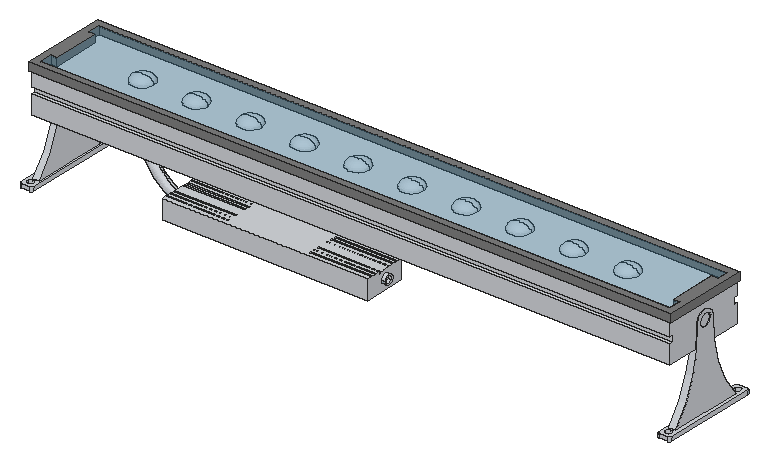
Revit family "WALL WASHER HIGH POWER LED 50CM_LK1036CW.30", category Luminarias, Revit 2019
Family settings
  Cota de conector redondo = Diámetro de uso
  Tipo de pieza = Normal
  Se basa en plano de trabajo = Sí
  Siempre vertical = No
  Corte con vacíos al cargar = No
  Origen de luz = Sí
  Compartido = No
  Punto de cálculo de habitación = No
Parameters (values of type "REFL_LK1036CW.30")
  Ángulo de inclinación = 60.00°
  Ángulo de enfoque = 30.00°
  Ángulo de campo de foco = 90.00°
  Zone [instance] = ""
  Watt per fixture = 20.8
  Wattage = 20.8 W
  built-in parameter 1150107 = 6000 (stored number, unit not read)
  built-in parameter 1150110 = 1 (stored number, unit not read)
  built-in parameter 1150109 = 1 (stored number, unit not read)
  built-in parameter 1150112 = 1 (stored number, unit not read)
  built-in parameter 1150113 = 1 (stored number, unit not read)
  built-in parameter 1114218 = 1 (stored number, unit not read)
  Keynote = ""
  built-in parameter 1150137 = (empty or 0)
  built-in parameter 1150132 = (empty or 0)
  Modelo = "LK1036CW.30"
  Lámpara = "OSRAM"
  Longitud de símbolo de origen de luz = 500 mm
  Longitud de línea de emisión = 400 mm
  built-in parameter 1150105 = 4935 (stored number, unit not read)
  built-in parameter 1150102 = (empty or 0)
  built-in parameter 1150106 = 49.35 (stored number, unit not read)
  Lumens = 1475.97 lm
  Color Filter = 16777215
  built-in parameter 1114217 = 1 (stored number, unit not read)
  built-in parameter 1150139 = (empty or 0)
  Fabricante = "BRILLANT"
  Default Elevation = 0 mm
  built-in parameter 1150104 = 6.5924 (stored number, unit not read)
  Descripción = "LUMINARIA TIPO REFLECTOR LINEAL, WALL WASHER , CUERPO DE ALUMINIO EXTRUIDO CON POLVO GRIS, VIDRIO TEMPLADO DE 3MM ADEMAS DEL SELLADO CON SILICON EN VIDRIO Y HOUSING, CUENTA CON 10 LED TIPO OSRAM CON UN CONSUMO TOTAL DE 20.8W, 1476 LUMENES, CON UNA TEMPERATURA EN BLANCO CALIDO A 6000K, IP 66, IRC 80, IK 05, CABLE H05RN DE 0.5M, APERTURA DE 30 GRADOS EN STOCK, ALIMENTADA CON FUENTE REMOTA A 100-277V."
  built-in parameter 1150115 = 1 (stored number, unit not read)
  built-in parameter 1150114 = 1 (stored number, unit not read)
  Comentarios de vataje = "100-277V"
  built-in parameter 1150138 = (empty or 0)
  built-in parameter 1150134 = 5
  Circuit [instance] = ""
  Dimming Lamp Color Temperature Shift = 1
  built-in parameter 1150133 = 10 (stored number, unit not read)
Reference planes
  plane 1 "Centro (Frontal/Posterior)": y = 0
  plane 2: z = 0
  plane 3 "Centro (Izquierda/Derecha)": x = 0
  plane 4: x = -250
  plane 5: x = 250
  plane 6: z = 86
  plane 7: z = 3
  plane 8: x = 0
Forms (mm)
  Extrusion 1, solid, material "Aluminio"
    sketch origin (0, 0, 0) x (1, 0, 0) y (0, 1, 0)
      loop
        line (-250, 33.5) -> (-250, -33.5) -> (250, -33.5) -> (250, 33.5) -> (-250, 33.5)
      loop
        line (-245, -28.5) -> (245, -28.5) -> (245, -18.5) -> (240, -18.5) -> (240, 18.5) -> (245, 18.5) -> (245, 28.5) -> (-245, 28.5) -> (-245, 18.5) -> (-240, 18.5) -> (-240, -18.5) -> (-245, -18.5) -> (-245, -28.5)
    from 86 to 79.969
  Extrusion 2, solid
    sketch origin (0, 0, 0) x (1, 0, 0) y (0, 1, 0)
      loop
        arc (-245.182, -38.75) -> (-243.931, -38.232) -> (-243.412, -36.98) r 1.77
        line (-243.412, -36.98) -> (-243.412, 36.98)
        arc (-243.412, 36.98) -> (-243.931, 38.232) -> (-245.182, 38.75) r 1.77
        line (-245.182, 38.75) -> (-251.643, 38.75)
        arc (-251.643, 38.75) -> (-252.894, 38.232) -> (-253.412, 36.98) r 1.77
        line (-253.412, 36.98) -> (-253.412, -36.98)
        arc (-253.412, -36.98) -> (-252.894, -38.232) -> (-251.643, -38.75) r 1.77
        line (-251.643, -38.75) -> (-245.182, -38.75)
      loop
        circle (-248.412, -33.75) r 2.617
      loop
        circle (-248.412, 33.75) r 2.617
      loop
        line (245.182, -38.75) -> (251.643, -38.75)
        arc (251.643, -38.75) -> (252.894, -38.232) -> (253.412, -36.98) r 1.77
        line (253.412, -36.98) -> (253.412, 36.98)
        arc (253.412, 36.98) -> (252.894, 38.232) -> (251.643, 38.75) r 1.77
        line (251.643, 38.75) -> (245.182, 38.75)
        arc (245.182, 38.75) -> (243.931, 38.232) -> (243.412, 36.98) r 1.77
        line (243.412, 36.98) -> (243.412, -36.98)
        arc (243.412, -36.98) -> (243.931, -38.232) -> (245.182, -38.75) r 1.77
      loop
        circle (248.412, -33.75) r 2.617
      loop
        circle (248.412, 33.75) r 2.617
    from 0 to 3
  Extrusion 3, solid
    sketch origin (0, 0, 57.505) x (0, -1, 0) y (0, 0, -1)
      loop
        circle (0, -9.725) r 5
      loop
        arc (-7.232, -9.725) -> (0, -16.957) -> (7.232, -9.725) r 7.232
        arc (7.232, -9.725) -> (12.387, 24.386) -> (29.21, 54.505) r 96.512
        line (29.21, 54.505) -> (0.469, 54.505) -> (0.469, 19.505) -> (-0.469, 19.505) -> (-0.469, 54.505) -> (-29.21, 54.505)
        arc (-29.21, 54.505) -> (-12.387, 24.386) -> (-7.232, -9.725) r 96.512
    from 245 to 250
  Extrusion 4, solid, material "Cristal"
    sketch origin (0, 0, 0) x (1, 0, 0) y (0, 1, 0)
      loop
        line (-245, 28.5) -> (-245, 18.5) -> (-240, 18.5) -> (-240, -18.5) -> (-245, -18.5) -> (-245, -28.5) -> (245, -28.5) -> (245, -18.5) -> (240, -18.5) -> (240, 18.5) -> (245, 18.5) -> (245, 28.5) -> (-245, 28.5)
    from 86 to 85.337
  Revolve 5, solid
    sketch origin (0, 0, 1.84) x (1, 0, 0) y (0, 0, 1)
      loop
        line (105.714, 83.128) -> (105.714, 78.128) -> (114.371, 78.128)
        spline (114.371, 78.128) -> (114.297, 78.781) -> (114.076, 79.422) -> (113.712, 80.042) -> (113.211, 80.628) -> (112.582, 81.172) -> (111.835, 81.664) -> (110.984, 82.095) -> (110.043, 82.458) -> (109.027, 82.748) -> (107.955, 82.958) -> (106.844, 83.085) -> (105.714, 83.128)
      axis (105.714, 78.128) -> (105.714, 83.128)
    angle from 0 to 360
  Revolve 6, solid
    sketch origin (-42, 0, 1.84) x (1, 0, 0) y (0, 0, 1)
      loop
        line (105.714, 83.128) -> (105.714, 78.128) -> (114.371, 78.128)
        spline (114.371, 78.128) -> (114.297, 78.781) -> (114.076, 79.422) -> (113.712, 80.042) -> (113.211, 80.628) -> (112.582, 81.172) -> (111.835, 81.664) -> (110.984, 82.095) -> (110.043, 82.458) -> (109.027, 82.748) -> (107.955, 82.958) -> (106.844, 83.085) -> (105.714, 83.128)
      axis (105.714, 78.128) -> (105.714, 83.128)
    angle from 0 to 360
  Revolve 7, solid
    sketch origin (-84, 0, 1.84) x (1, 0, 0) y (0, 0, 1)
      loop
        line (105.714, 83.128) -> (105.714, 78.128) -> (114.371, 78.128)
        spline (114.371, 78.128) -> (114.297, 78.781) -> (114.076, 79.422) -> (113.712, 80.042) -> (113.211, 80.628) -> (112.582, 81.172) -> (111.835, 81.664) -> (110.984, 82.095) -> (110.043, 82.458) -> (109.027, 82.748) -> (107.955, 82.958) -> (106.844, 83.085) -> (105.714, 83.128)
      axis (105.714, 78.128) -> (105.714, 83.128)
    angle from 0 to 360
  Revolve 8, solid
    sketch origin (-126, 0, 1.84) x (1, 0, 0) y (0, 0, 1)
      loop
        line (105.714, 83.128) -> (105.714, 78.128) -> (114.371, 78.128)
        spline (114.371, 78.128) -> (114.297, 78.781) -> (114.076, 79.422) -> (113.712, 80.042) -> (113.211, 80.628) -> (112.582, 81.172) -> (111.835, 81.664) -> (110.984, 82.095) -> (110.043, 82.458) -> (109.027, 82.748) -> (107.955, 82.958) -> (106.844, 83.085) -> (105.714, 83.128)
      axis (105.714, 78.128) -> (105.714, 83.128)
    angle from 0 to 360
  Revolve 9, solid
    sketch origin (-168, 0, 1.84) x (1, 0, 0) y (0, 0, 1)
      loop
        line (105.714, 83.128) -> (105.714, 78.128) -> (114.371, 78.128)
        spline (114.371, 78.128) -> (114.297, 78.781) -> (114.076, 79.422) -> (113.712, 80.042) -> (113.211, 80.628) -> (112.582, 81.172) -> (111.835, 81.664) -> (110.984, 82.095) -> (110.043, 82.458) -> (109.027, 82.748) -> (107.955, 82.958) -> (106.844, 83.085) -> (105.714, 83.128)
      axis (105.714, 78.128) -> (105.714, 83.128)
    angle from 0 to 360
  Revolve 10, solid
    sketch origin (-210, 0, 1.84) x (1, 0, 0) y (0, 0, 1)
      loop
        line (105.714, 83.128) -> (105.714, 78.128) -> (114.371, 78.128)
        spline (114.371, 78.128) -> (114.297, 78.781) -> (114.076, 79.422) -> (113.712, 80.042) -> (113.211, 80.628) -> (112.582, 81.172) -> (111.835, 81.664) -> (110.984, 82.095) -> (110.043, 82.458) -> (109.027, 82.748) -> (107.955, 82.958) -> (106.844, 83.085) -> (105.714, 83.128)
      axis (105.714, 78.128) -> (105.714, 83.128)
    angle from 0 to 360
  Extrusion 11, solid
    sketch origin (-86.286, 0, 0) x (1, 0, 0) y (0, 1, 0)
      loop
        circle (-102, 0) r 7.477
    from 46.607 to 49.683
  Extrusion 12, solid
    sketch origin (-86.286, 0, 0) x (1, 0, 0) y (0, 1, 0)
      loop
        line (-102, 7.477) -> (-108.476, 3.739) -> (-108.476, -3.739) -> (-102, -7.477) -> (-95.524, -3.739) -> (-95.524, 3.739) -> (-102, 7.477)
    from 43.841 to 46.607
  Extrusion 13, solid
    sketch origin (0, 0, 0) x (1, 0, 0) y (0, 1, 0)
      loop
        line (-248.412, 32.016) -> (-248.412, -32.654) -> (248.545, -32.654) -> (248.545, 32.016) -> (-248.412, 32.016)
    from 49.683 to 79.969
  Revolve 14, solid
    sketch origin (42, 0, 1.84) x (1, 0, 0) y (0, 0, 1)
      loop
        line (105.714, 83.128) -> (105.714, 78.128) -> (114.371, 78.128)
        spline (114.371, 78.128) -> (114.297, 78.781) -> (114.076, 79.422) -> (113.712, 80.042) -> (113.211, 80.628) -> (112.582, 81.172) -> (111.835, 81.664) -> (110.984, 82.095) -> (110.043, 82.458) -> (109.027, 82.748) -> (107.955, 82.958) -> (106.844, 83.085) -> (105.714, 83.128)
      axis (105.714, 78.128) -> (105.714, 83.128)
    angle from 0 to 360
  Revolve 15, solid
    sketch origin (84, 0, 1.84) x (1, 0, 0) y (0, 0, 1)
      loop
        line (105.714, 83.128) -> (105.714, 78.128) -> (114.371, 78.128)
        spline (114.371, 78.128) -> (114.297, 78.781) -> (114.076, 79.422) -> (113.712, 80.042) -> (113.211, 80.628) -> (112.582, 81.172) -> (111.835, 81.664) -> (110.984, 82.095) -> (110.043, 82.458) -> (109.027, 82.748) -> (107.955, 82.958) -> (106.844, 83.085) -> (105.714, 83.128)
      axis (105.714, 78.128) -> (105.714, 83.128)
    angle from 0 to 360
  Revolve 16, solid
    sketch origin (-252, 0, 1.84) x (1, 0, 0) y (0, 0, 1)
      loop
        line (105.714, 83.128) -> (105.714, 78.128) -> (114.371, 78.128)
        spline (114.371, 78.128) -> (114.297, 78.781) -> (114.076, 79.422) -> (113.712, 80.042) -> (113.211, 80.628) -> (112.582, 81.172) -> (111.835, 81.664) -> (110.984, 82.095) -> (110.043, 82.458) -> (109.027, 82.748) -> (107.955, 82.958) -> (106.844, 83.085) -> (105.714, 83.128)
      axis (105.714, 78.128) -> (105.714, 83.128)
    angle from 0 to 360
  Revolve 17, solid
    sketch origin (-294, 0, 1.84) x (1, 0, 0) y (0, 0, 1)
      loop
        line (105.714, 83.128) -> (105.714, 78.128) -> (114.371, 78.128)
        spline (114.371, 78.128) -> (114.297, 78.781) -> (114.076, 79.422) -> (113.712, 80.042) -> (113.211, 80.628) -> (112.582, 81.172) -> (111.835, 81.664) -> (110.984, 82.095) -> (110.043, 82.458) -> (109.027, 82.748) -> (107.955, 82.958) -> (106.844, 83.085) -> (105.714, 83.128)
      axis (105.714, 78.128) -> (105.714, 83.128)
    angle from 0 to 360
  Extrusion 18, void
    sketch origin (0, 0, 0) x (0, 1, 0) y (0, 0, 1)
      loop
        line (-32.654, 69.191) -> (-32.654, 64.191) -> (-29.884, 64.191) -> (-29.884, 69.191) -> (-32.654, 69.191)
      loop
        line (32.654, 69.191) -> (29.884, 69.191) -> (29.884, 64.191) -> (32.654, 64.191) -> (32.654, 69.191)
    from -250 to 250
  Extrusion 19, solid
    sketch origin (0, 0, 57.505) x (0, -1, 0) y (0, 0, 1)
      loop
        circle (0, 9.725) r 5
      loop
        arc (-7.232, 9.725) -> (-12.387, -24.386) -> (-29.21, -54.505) r 96.512
        line (-29.21, -54.505) -> (-0.469, -54.505) -> (-0.469, -19.505) -> (0.469, -19.505) -> (0.469, -54.505) -> (29.21, -54.505)
        arc (29.21, -54.505) -> (12.387, -24.386) -> (7.232, 9.725) r 96.512
        arc (7.232, 9.725) -> (0, 16.957) -> (-7.232, 9.725) r 7.232
    from 245 to 250
  Extrusion 20, solid
    sketch origin (0, 0, 0) x (1, 0, 0) y (0, 1, 0)
      loop
        line (-159.783, 16) -> (-159.783, -16) -> (0.217, -16) -> (0.217, 16) -> (-159.783, 16)
    from 0 to 15
  Extrusion 21, void
    sketch origin (0, 0, 0) x (1, 0, 0) y (0, 1, 0)
      loop
        line (-159.783, 12.695) -> (-159.783, 11.445) -> (-111.686, 11.445) -> (-111.686, 12.695) -> (-159.783, 12.695)
      loop
        line (-159.783, 8.945) -> (-159.783, 7.695) -> (-111.686, 7.695) -> (-111.686, 8.945) -> (-159.783, 8.945)
      loop
        line (-159.783, 5.195) -> (-159.783, 3.945) -> (-111.686, 3.945) -> (-111.686, 5.195) -> (-159.783, 5.195)
      loop
        line (-159.783, -12.695) -> (-111.686, -12.695) -> (-111.686, -11.445) -> (-159.783, -11.445) -> (-159.783, -12.695)
      loop
        line (-159.783, -8.945) -> (-111.686, -8.945) -> (-111.686, -7.695) -> (-159.783, -7.695) -> (-159.783, -8.945)
      loop
        line (-159.783, -5.195) -> (-111.686, -5.195) -> (-111.686, -3.945) -> (-159.783, -3.945) -> (-159.783, -5.195)
      loop
        line (0.217, 12.695) -> (-47.88, 12.695) -> (-47.88, 11.445) -> (0.217, 11.445) -> (0.217, 12.695)
      loop
        line (0.217, 8.945) -> (-47.88, 8.945) -> (-47.88, 7.695) -> (0.217, 7.695) -> (0.217, 8.945)
      loop
        line (0.217, 5.195) -> (-47.88, 5.195) -> (-47.88, 3.945) -> (0.217, 3.945) -> (0.217, 5.195)
      loop
        line (0.217, -12.695) -> (0.217, -11.445) -> (-47.88, -11.445) -> (-47.88, -12.695) -> (0.217, -12.695)
      loop
        line (0.217, -8.945) -> (0.217, -7.695) -> (-47.88, -7.695) -> (-47.88, -8.945) -> (0.217, -8.945)
      loop
        line (0.217, -5.195) -> (0.217, -3.945) -> (-47.88, -3.945) -> (-47.88, -5.195) -> (0.217, -5.195)
    from 13.385 to 15
  Extrusion 22, solid
    sketch origin (0, 0, 0) x (0, 1, 0) y (0, 0, 1)
      loop
        circle (0, 8.771) r 3.442
      loop
        line (2.746, 10.356) -> (0, 11.942) -> (-2.746, 10.356) -> (-2.746, 7.185) -> (0, 5.6) -> (2.746, 7.185) -> (2.746, 10.356)
    from -163.333 to -156.969
  Extrusion 23, solid
    sketch origin (-124.565, 0, 0) x (0, 1, 0) y (0, 0, -1)
      loop
        circle (0, -8.771) r 3.442
      loop
        line (2.746, -10.356) -> (2.746, -7.185) -> (0, -5.6) -> (-2.746, -7.185) -> (-2.746, -10.356) -> (0, -11.942) -> (2.746, -10.356)
    from -128.252 to -124.565
  Sweep 24, solid
    path origin (17.303, 0, 13.216) x (1, 0, 0) y (0, 0, 1)
      loop
        arc (-188.601, 37.696) -> (-183.417, 21.627) -> (-170.773, 10.436) r 31.987
    profile origin (-166.114, 0, 34.843) x (0.836903, 0, 0.547351) y (0, -1, 0)
      loop
        circle (-16.782, 0) r 3.712
Cuts and joins
  Extrusion 18 cuts Extrusion 13
  Extrusion 21 cuts Extrusion 20
Dimensions and locks
  equal spacing: plane 4, plane 3 "Centro (Izquierda/Derecha)", plane 5
  plane 4 to plane 5 = 500 mm
  plane 4 to plane 3 "Centro (Izquierda/Derecha)" = 250 mm
  plane 6 to plane 2 = 86 mm
  plane 6 to level = 86 mm
  plane 7 to level = 3 mm
  aligned and locked: level to plane 2
  aligned and locked: plane 7 to Extrusion 2
  aligned and locked: Extrusion 1 to plane 6
  aligned and locked: Extrusion 1 to Extrusion 4
  aligned and locked: Extrusion 1 to Extrusion 18  (x2)
  aligned and locked: Extrusion 1 to Extrusion 3
  aligned and locked: Extrusion 3 to Extrusion 1
Automatic sketch dimensions
  Extrusion 1 sketch curve to plane 4 = 0 mm
  Extrusion 1 sketch curve to plane 5 = 0 mm
  plane 4 to Extrusion 1 sketch curve = 5 mm  (x2)
  Extrusion 1 sketch curve to Extrusion 1 sketch curve = 5 mm  (x4)
  Extrusion 1 sketch curve to plane 5 = 10 mm
  Extrusion 1 sketch curve to plane 5 = 5 mm
  plane 1 "Centro (Frontal/Posterior)" to Extrusion 1 sketch curve = 33.5 mm
  Extrusion 1 sketch curve to Extrusion 1 sketch curve = 10 mm  (x3)
  Extrusion 1 sketch curve to plane 1 "Centro (Frontal/Posterior)" = 18.5 mm  (x2)
  Extrusion 2 sketch curve to plane 4 = 3.412 mm
  Extrusion 2 sketch curve to plane 4 = 1.643 mm  (x2)
  plane 4 to Extrusion 2 sketch curve = 1.588 mm  (x2)
  plane 4 to Extrusion 2 sketch curve = 4.818 mm
  Extrusion 2 sketch curve to Extrusion 2 sketch curve = 3.23 mm  (x5)
  Extrusion 2 sketch curve to Extrusion 2 sketch curve = 1.77 mm  (x4)
  Extrusion 2 sketch curve to plane 5 = 6.588 mm
  Extrusion 2 sketch curve to plane 5 = 1.588 mm  (x2)
  plane 5 to Extrusion 2 sketch curve = 1.643 mm  (x2)
  plane 1 "Centro (Frontal/Posterior)" to Extrusion 2 sketch curve = 38.75 mm  (x2)
  Extrusion 2 sketch curve to plane 1 "Centro (Frontal/Posterior)" = 33.75 mm  (x2)
  Extrusion 3 sketch curve to Extrusion 3 sketch curve = 0 mm  (x2)
  Extrusion 3 sketch curve to plane 7 = 0 mm  (x2)
  Extrusion 3 sketch curve to plane 1 "Centro (Frontal/Posterior)" = 0 mm
  Extrusion 3 sketch curve to plane 1 "Centro (Frontal/Posterior)" = 0.469 mm
  Extrusion 3 sketch curve to Extrusion 3 sketch curve = 28.741 mm  (x2)
  Extrusion 3 sketch curve to plane 6 = 21.636 mm  (x2)
  Extrusion 3 sketch curve to Extrusion 3 sketch curve = 74.492 mm
  plane 1 "Centro (Frontal/Posterior)" to Extrusion 3 sketch curve = 0.469 mm
  Extrusion 3 sketch curve to plane 6 = 18.77 mm
  Extrusion 3 sketch curve to Extrusion 3 sketch curve = 29.23 mm
  plane 4 to Extrusion 4 sketch curve = 5 mm  (x2)
  Extrusion 4 sketch curve to Extrusion 4 sketch curve = 5 mm  (x2)
  Extrusion 4 sketch curve to plane 5 = 10 mm
  Extrusion 4 sketch curve to plane 5 = 5 mm
  plane 1 "Centro (Frontal/Posterior)" to Extrusion 4 sketch curve = 28.5 mm
  Extrusion 4 sketch curve to Extrusion 4 sketch curve = 10 mm  (x3)
  Extrusion 4 sketch curve to plane 1 "Centro (Frontal/Posterior)" = 18.5 mm  (x2)
  Revolve 5 sketch curve to plane 6 = 1.031 mm
  plane 3 "Centro (Izquierda/Derecha)" to Revolve 5 sketch curve = 105.714 mm
  Revolve 5 sketch curve to Revolve 5 sketch curve = 0 mm  (x3)
  Revolve 5 sketch curve to Revolve 5 sketch curve = 8.657 mm
  Revolve 5 sketch curve to Revolve 5 sketch curve = 5 mm
  plane 6 to Revolve 5 sketch curve = 15.857 mm
  Revolve 6 sketch curve to plane 6 = 1.031 mm
  plane 3 "Centro (Izquierda/Derecha)" to Revolve 6 sketch curve = 63.714 mm
  Revolve 6 sketch curve to Revolve 6 sketch curve = 0 mm  (x3)
  Revolve 6 sketch curve to Revolve 6 sketch curve = 8.657 mm
  Revolve 6 sketch curve to Revolve 6 sketch curve = 5 mm
  plane 6 to Revolve 6 sketch curve = 15.857 mm
  Revolve 7 sketch curve to plane 6 = 1.031 mm
  plane 3 "Centro (Izquierda/Derecha)" to Revolve 7 sketch curve = 21.714 mm
  Revolve 7 sketch curve to Revolve 7 sketch curve = 0 mm  (x3)
  Revolve 7 sketch curve to Revolve 7 sketch curve = 8.657 mm
  Revolve 7 sketch curve to Revolve 7 sketch curve = 5 mm
  plane 6 to Revolve 7 sketch curve = 15.857 mm
  Revolve 8 sketch curve to plane 6 = 1.031 mm
  Revolve 8 sketch curve to plane 3 "Centro (Izquierda/Derecha)" = 20.286 mm
  Revolve 8 sketch curve to Revolve 8 sketch curve = 0 mm  (x3)
  Revolve 8 sketch curve to Revolve 8 sketch curve = 8.657 mm
  Revolve 8 sketch curve to Revolve 8 sketch curve = 5 mm
  plane 6 to Revolve 8 sketch curve = 15.857 mm
  Revolve 9 sketch curve to plane 6 = 1.031 mm
  Revolve 9 sketch curve to plane 3 "Centro (Izquierda/Derecha)" = 62.286 mm
  Revolve 9 sketch curve to Revolve 9 sketch curve = 0 mm  (x3)
  Revolve 9 sketch curve to Revolve 9 sketch curve = 8.657 mm
  Revolve 9 sketch curve to Revolve 9 sketch curve = 5 mm
  plane 6 to Revolve 9 sketch curve = 15.857 mm
  Revolve 10 sketch curve to plane 6 = 1.031 mm
  Revolve 10 sketch curve to plane 3 "Centro (Izquierda/Derecha)" = 104.286 mm
  Revolve 10 sketch curve to Revolve 10 sketch curve = 0 mm  (x3)
  Revolve 10 sketch curve to Revolve 10 sketch curve = 8.657 mm
  Revolve 10 sketch curve to Revolve 10 sketch curve = 5 mm
  plane 6 to Revolve 10 sketch curve = 15.857 mm
  plane 1 "Centro (Frontal/Posterior)" to Extrusion 11 sketch curve = 0 mm
  plane 4 to Extrusion 11 sketch curve = 61.714 mm
  plane 4 to Extrusion 13 sketch curve = 1.588 mm
  Extrusion 13 sketch curve to plane 5 = 1.455 mm
  plane 1 "Centro (Frontal/Posterior)" to Extrusion 13 sketch curve = 32.654 mm
  Extrusion 13 sketch curve to plane 1 "Centro (Frontal/Posterior)" = 32.016 mm
  Revolve 14 sketch curve to plane 6 = 1.031 mm
  Revolve 14 sketch curve to plane 5 = 102.286 mm
  Revolve 14 sketch curve to Revolve 14 sketch curve = 0 mm  (x3)
  Revolve 14 sketch curve to Revolve 14 sketch curve = 8.657 mm
  Revolve 14 sketch curve to Revolve 14 sketch curve = 5 mm
  plane 6 to Revolve 14 sketch curve = 15.857 mm
  Revolve 15 sketch curve to plane 6 = 1.031 mm
  Revolve 15 sketch curve to plane 5 = 60.286 mm
  Revolve 15 sketch curve to Revolve 15 sketch curve = 0 mm  (x3)
  Revolve 15 sketch curve to Revolve 15 sketch curve = 8.657 mm
  Revolve 15 sketch curve to Revolve 15 sketch curve = 5 mm
  plane 6 to Revolve 15 sketch curve = 15.857 mm
  Revolve 16 sketch curve to plane 6 = 1.031 mm
  plane 4 to Revolve 16 sketch curve = 103.714 mm
  Revolve 16 sketch curve to Revolve 16 sketch curve = 0 mm  (x3)
  Revolve 16 sketch curve to Revolve 16 sketch curve = 8.657 mm
  Revolve 16 sketch curve to Revolve 16 sketch curve = 5 mm
  plane 6 to Revolve 16 sketch curve = 15.857 mm
  Revolve 17 sketch curve to plane 6 = 1.031 mm
  plane 4 to Revolve 17 sketch curve = 61.714 mm
  Revolve 17 sketch curve to Revolve 17 sketch curve = 0 mm  (x3)
  Revolve 17 sketch curve to Revolve 17 sketch curve = 8.657 mm
  Revolve 17 sketch curve to Revolve 17 sketch curve = 5 mm
  plane 6 to Revolve 17 sketch curve = 15.857 mm
  plane 1 "Centro (Frontal/Posterior)" to Extrusion 18 sketch curve = 32.654 mm
  Extrusion 18 sketch curve to Extrusion 18 sketch curve = 2.77 mm  (x2)
  Extrusion 18 sketch curve to plane 1 "Centro (Frontal/Posterior)" = 29.884 mm
  Extrusion 18 sketch curve to plane 6 = 21.809 mm  (x2)
  Extrusion 18 sketch curve to Extrusion 18 sketch curve = 5 mm  (x2)
  Extrusion 19 sketch curve to Extrusion 19 sketch curve = 0 mm  (x2)
  Extrusion 19 sketch curve to plane 7 = 0 mm  (x2)
  Extrusion 19 sketch curve to plane 1 "Centro (Frontal/Posterior)" = 0 mm
  Extrusion 19 sketch curve to plane 1 "Centro (Frontal/Posterior)" = 0.469 mm
  Extrusion 19 sketch curve to Extrusion 19 sketch curve = 28.741 mm  (x2)
  Extrusion 19 sketch curve to plane 6 = 21.636 mm  (x2)
  Extrusion 19 sketch curve to Extrusion 19 sketch curve = 74.492 mm
  plane 1 "Centro (Frontal/Posterior)" to Extrusion 19 sketch curve = 0.469 mm
  Extrusion 19 sketch curve to Extrusion 19 sketch curve = 35 mm
  Extrusion 19 sketch curve to plane 6 = 18.77 mm
  plane 1 "Centro (Frontal/Posterior)" to Extrusion 20 sketch curve = 16 mm
  plane 4 to Extrusion 20 sketch curve = 90.217 mm
  plane 3 "Centro (Izquierda/Derecha)" to Extrusion 20 sketch curve = 0.217 mm
  Extrusion 20 sketch curve to plane 1 "Centro (Frontal/Posterior)" = 16 mm
  Extrusion 21 sketch curve to plane 1 "Centro (Frontal/Posterior)" = 12.695 mm
  plane 4 to Extrusion 21 sketch curve = 90.217 mm
  plane 1 "Centro (Frontal/Posterior)" to Extrusion 21 sketch curve = 3.945 mm  (x2)
  Extrusion 21 sketch curve to Extrusion 21 sketch curve = 0 mm  (x20)
  Extrusion 21 sketch curve to plane 1 "Centro (Frontal/Posterior)" = 3.945 mm  (x2)
  Extrusion 21 sketch curve to Extrusion 21 sketch curve = 48.097 mm
  Extrusion 21 sketch curve to plane 3 "Centro (Izquierda/Derecha)" = 47.88 mm
  plane 3 "Centro (Izquierda/Derecha)" to Extrusion 21 sketch curve = 0.217 mm
  Extrusion 21 sketch curve to Extrusion 21 sketch curve = 1.25 mm  (x12)
  Extrusion 21 sketch curve to Extrusion 21 sketch curve = 2.5 mm  (x7)
  Extrusion 22 sketch curve to plane 1 "Centro (Frontal/Posterior)" = 0 mm  (x3)
  plane 1 "Centro (Frontal/Posterior)" to Extrusion 22 sketch curve = 2.746 mm
  Extrusion 22 sketch curve to plane 1 "Centro (Frontal/Posterior)" = 2.746 mm
  plane 7 to Extrusion 22 sketch curve = 2.6 mm
  Extrusion 22 sketch curve to Extrusion 22 sketch curve = 1.585 mm  (x6)
  Extrusion 23 sketch curve to plane 1 "Centro (Frontal/Posterior)" = 0 mm  (x3)
  plane 1 "Centro (Frontal/Posterior)" to Extrusion 23 sketch curve = 2.746 mm
  Extrusion 23 sketch curve to plane 1 "Centro (Frontal/Posterior)" = 2.746 mm
  plane 7 to Extrusion 23 sketch curve = 8.942 mm
  Extrusion 23 sketch curve to Extrusion 23 sketch curve = 1.585 mm  (x3)
  Extrusion 23 sketch curve to Extrusion 23 sketch curve = 3.171 mm  (x2)
  plane 7 to Extrusion 23 sketch curve = 2.6 mm
  Sweep 24 sketch curve to plane 1 "Centro (Frontal/Posterior)" = 0 mm
  profile plane to Sweep 24 sketch curve = 16.782 mm
  Sweep 24 sketch curve to plane 6 = 33.649 mm
  plane 4 to Sweep 24 sketch curve = 110.656 mm
  plane 7 to Sweep 24 sketch curve = 20.652 mm
  Sweep 24 sketch curve to Sweep 24 sketch curve = 14.126 mm
  Sweep 24 sketch curve to Sweep 24 sketch curve = 31.954 mm
  radius of Extrusion 2 sketch curve = 2.617 mm  (x4)
  radius of Extrusion 3 sketch curve = 5 mm
  radius of Extrusion 11 sketch curve = 7.477 mm
  radius of Extrusion 19 sketch curve = 5 mm
  radius of Extrusion 22 sketch curve = 3.442 mm
  radius of Extrusion 23 sketch curve = 3.442 mm
  radius of Sweep 24 sketch curve = 3.712 mm
Connectors
  electrical at (3.687, 0, 8.771)
    settings: on Extrusion 23, index 1, voltage 277 V, apparent load 0 VA, apparent load phase1 0 VA, apparent load phase2 0 VA, apparent load phase3 0 VA, power factor 1, load classification "Otro", number of poles 1, system type 31, power factor state 1, is connector primary yes, connector utility no, sub classification motor no, connector description ""
